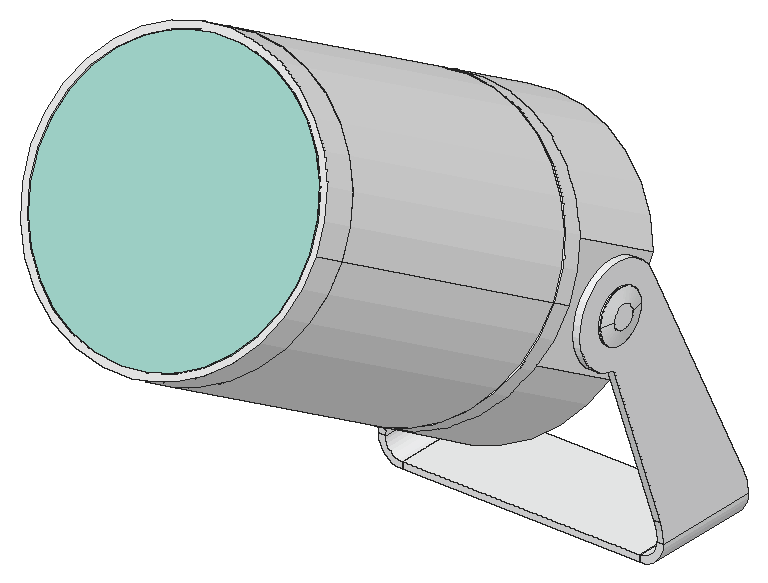
Revit family "Ginko 3.4", category Lighting Fixtures, Revit 2017
Family settings
  Round Connector Dimension = Use Diameter
  Part Type = Normal
  OmniClass Number = 23.80.70.00
  OmniClass Title = Lighting
  Work Plane-Based = Yes
  Always vertical = No
  Cut with Voids When Loaded = No
  Light Source = No
  Shared = No
  Room Calculation Point = No
Parameters (values of type "Ginko 3.4_R1 zoom 38° (3000K 15W 24Vdc)")
  X1 = 100 mm
  Wiring = "-"
  Width mm = 84 mm
  Weight kg = "1.50"
  Voltage = 24 V
  Vertical rotation max = 190.00°
  Vertical Rotation max_1 [instance] = 50.00°
  Vertical Rotation Adjusted [instance] = if(Vertical Rotation 2 < Vertical Rotation min, Vertical Rotation min, if(Vertical Rotation 2 > Vertical Rotation max_1, Vertical Rotation max_1, Vertical Rotation 2))  # -60.00°
  Vertical Rotation 2 [instance] = Vertical Rotation - 90.00°  # -60.00°
  Vertical Rotation min [instance] = -140.00°
  URL Accessories and power supply units = "https://www.lucelight.it/en/prodotto.php/106780#a-scheda-accessori"
  URL = "https://www.lucelight.it/en/prodotto.php/106780"
  Top = L&L_White
  URL Technical sheet = "https://www.lucelight.it/media/prodotti/st/ST_GINKO_34.pdf"
  URL Image = "https://www.lucelight.it/media/prodotti/foto/ginko_3.4_still.jpg"
  URL IES Photometric file = "https://www.lucelight.it/media/prodotti/fotometrie/ginko_3.4_ies.zip"
  URL General code = "https://www.lucelight.it/en/prodotto.php/106780#a-generacodice"
  URL Description = "https://www.lucelight.it/en/capitolato.php/106780"
  URL DXF = "https://www.lucelight.it/media/prodotti/dxf/ginko_3.4.dxf"
  URL Catalogue = "https://www.lucelight.it/media/prodotti/brochure/ginko_brochure_en.pdf"
  Power supply unit = "not included"
  Power supply = "24Vdc"
  Power cables = "includes 1,5 m neoprene cable, H05RN-F 2x0,75/0,75 Ø6,3 mm"
  Power = "15W"
  Optics = "38°"
  No. and type of led = "1 high power density COB LED; 2-step MacAdam; 50000h L95 B10 (Ta 25°C)"
  Model = "Ginko 3.4"
  Manufacturer = "L&L Luce&Light"
  Light Source = Light Source_3.4 : R1 zoom 38°
  Geometry = Ginko3.4_mod : Ginko_3.4
  Notes = "-"
  Mounting = "surface mounted (ceiling, wall, ground, spike)"
  Middle = L&L_White
  Material = "body in anticorodal aluminium, AISI 316L stainless steel bracket, screen in tempered, transparent extra-clear glass"
  Lumen output at source = "1662 lm (3000K, CRI 80); 1343 lm (3000K, CRI 90)"
  Description = "Outdoor projectors"
  Base = L&L_White
  Lens = L&L_Lens
  Length mm = 137 mm
  LED Colour = "3000K (also available: 2700K and 4000K - ref. URL Technical sheet)"
  IP = "66"
  Height mm = 203 mm
  H1 = 75 mm
  Vertical Rotation [instance] = 30.00°
  Features = "optical range 8°x66° — 35°x71° adjustable through 360° using the magnet provided"
  Energy efficiency class = "A A+ A++"
  Delivered lumen output = "295 lm (3000K, 38°, CRI 80); 240 lm (3000K, 38°, CRI 90); 315 lm (3000K, 35°x71°, CRI 80); 255 lm (3000K, 35°x71°, CRI 90)\r\n295 lm (3000K, 38°, CRI 80); 240 lm (3000K, 38°, CRI 90); 315 lm (3000K, 35°x71°, CRI 80); 255 lm (3000K, 35°x71°, CRI 90)\r\n295 lm (3000K, 38°, CRI 80); 240 lm (3000K, 38°, CRI 90); 315 lm (3000K, 35°x71°, CRI 80); 255 lm (3000K, 35°x71°, CRI 90)\r\n295 lm (3000K, 38°, CRI 80); 240 lm (3000K, 38°, CRI 90); 315 lm (3000K, 35°x71°, CRI 80); 255 lm (3000K, 35°x71°, CRI 90)"
  Default Elevation = 1219.2 mm
  Cutout dimensions = "-"
  Control system = "-"
  Contact = "T: +39 0444 360571; E: lucelight@lucelight.it"
  Company = "L&L Luce&Light"
  Code = "GN3401 E White; GN3401 N Black anodized; GN3401 F Grey; GN3401 H Anthracite; GN3401 T Cor-ten; GN3401 5 Jasper green"
  CRI = "90 (also available: CRI 80 - ref. URL Technical sheet)"
  Base bracket = Ginko3.0_Base bracket : Ginko3.0_Base bracket
  Bracket = L&L_Stainless steel
  Apparent Load Phase 1 = 15 W
Reference planes
  plane 1 "Light Source Axis (F/B)": y = 0
  plane 2: z = 0
  plane 3 "Light Source Axis (L/R)": x = 0
  plane 4 "Light Source Elevation": z = 75
  plane 5: y = 100
Lines and regions (mm)
  reference lines
    curve 1: line (0, 100, 75) -> (0, 151.962, 45)
Dimensions and locks
  "X1": plane 1 "Light Source Axis (F/B)" to plane 5
  "H1": level to plane 4 "Light Source Elevation"
  "Vertical Rotation Adjusted": angle plane 1 "Light Source Axis (F/B)" to curve 1
  aligned and locked: level to plane 2
  aligned and locked: plane 5 to curve 1
  aligned and locked: plane 4 "Light Source Elevation" to curve 1
Nested families
  nested 1: "Ginko3.0_Base bracket" at (0, 100, 0), type <- "Base bracket", type "Ginko3.0_Base bracket"
  nested 2: "Ginko3.4_mod" at (0, 108.66, 70) x (1, 0, 0) z (0, -0.866, 0.5), type <- "Geometry", type "Ginko_3.4"
  nested 3: "Light Source_3.4" at (-0.008, -10.886, 138.94) x (0, 0.5, 0.866) z (0, -0.866, 0.5), type <- "Light Source", type "R1 zoom 38°"
Connectors
  electrical at (0, 100, 0), driven by "Voltage", driven by "Apparent Load Phase 1"
    settings: index 1, voltage 24 V, apparent load 0 VA, apparent load phase1 15 VA, apparent load phase2 0 VA, apparent load phase3 0 VA, power factor 1, load classification "Lighting", number of poles 1, system type 31, power factor state 1, is connector primary yes, connector utility no, sub classification motor no, connector description ""
Definition of nested family "Ginko3.0_Base bracket"
  Parameters (values of type "Ginko3.0_Base bracket")
    Default Elevation = 1219.2 mm
    Base Braket = none
  Reference planes
    plane 1 "Light Source Axis (F/B)": y = 0
    plane 2: z = 0
    plane 3 "Light Source Axis (L/R)": x = 0
    plane 4 "Light Source Elevation": z = 1500
  Forms (mm)
    Extrusion 1, solid, material <- "Base Braket", detail levels medium+fine
      sketch origin (42, -180.55, 0) x (0, -1, 0) y (1, 0, 0)
        loop
          line (-228.477, -7) -> (-228.477, -77) -> (-197.477, -77) -> (-197.477, -7) -> (-228.477, -7)
      from 0 to 2
    Extrusion 2, solid, material <- "Base Braket", detail levels medium
      sketch origin (42, -180.55, -235.942) x (0, -1, 0) y (0, 0, 1)
        loop
          arc (-197.543, 242.942) -> (-197.198, 246.147) -> (-196.344, 249.255) r 20
          line (-196.344, 249.255) -> (-178.954, 297.033)
          arc (-178.954, 297.033) -> (-169.087, 318.979) -> (-193.082, 317.181) r 14
          line (-193.082, 317.181) -> (-226.453, 250.152)
          arc (-226.453, 250.152) -> (-227.806, 246.642) -> (-228.477, 242.942) r 20
          line (-228.477, 242.942) -> (-197.543, 242.942)
      from 0 to 2
    Extrusion 3, solid, material <- "Base Braket", detail levels medium+fine
      sketch origin (-426.763, 16.927, -235.942) x (-1, 0, 0) y (0, 0, 1)
        loop
          arc (-468.763, 242.942) -> (-466.713, 237.992) -> (-461.763, 235.942) r 7
          line (-461.763, 235.942) -> (-461.763, 237.942)
          arc (-461.763, 237.942) -> (-465.298, 239.406) -> (-466.763, 242.942) r 5
          line (-466.763, 242.942) -> (-468.763, 242.942)
      from 0 to 31
    Extrusion 4, solid, material <- "Base Braket", detail levels medium
      sketch origin (-42, -180.55, -235.942) x (0, -1, 0) y (0, 0, -1)
        loop
          line (-197.543, -242.942) -> (-228.477, -242.942)
          arc (-228.477, -242.942) -> (-227.806, -246.642) -> (-226.453, -250.152) r 20
          line (-226.453, -250.152) -> (-193.082, -317.181)
          arc (-193.082, -317.181) -> (-169.087, -318.979) -> (-178.954, -297.033) r 14
          line (-178.954, -297.033) -> (-196.344, -249.255)
          arc (-196.344, -249.255) -> (-197.198, -246.147) -> (-197.543, -242.942) r 20
      from 0 to 2
    Extrusion 5, solid, material <- "Base Braket", detail levels medium+fine
      sketch origin (426.763, 16.927, -235.942) x (1, 0, 0) y (0, 0, -1)
        loop
          line (-468.763, -242.942) -> (-466.763, -242.942)
          arc (-466.763, -242.942) -> (-465.298, -239.406) -> (-461.763, -237.942) r 5
          line (-461.763, -237.942) -> (-461.763, -235.942)
          arc (-461.763, -235.942) -> (-466.713, -237.992) -> (-468.763, -242.942) r 7
      from 0 to 31
    Extrusion 6, solid, material <- "Base Braket", detail levels coarse
      sketch origin (42, -180.55, -235.942) x (0, -1, 0) y (0, 0, 1)
        loop
          line (-233.528, 235.942) -> (-201.189, 235.942) -> (-171.621, 317.181) -> (-193.082, 317.181) -> (-233.528, 235.942)
      from 0 to 84
    Extrusion 7, solid, material <- "Base Braket", detail levels fine
      sketch origin (42, -180.55, -235.942) x (0, -1, 0) y (0, 0, 1)
        loop
          arc (-197.543, 242.942) -> (-197.198, 246.147) -> (-196.344, 249.255) r 20
          line (-196.344, 249.255) -> (-178.954, 297.033)
          arc (-178.954, 297.033) -> (-169.087, 318.979) -> (-193.082, 317.181) r 14
          line (-193.082, 317.181) -> (-226.453, 250.152)
          arc (-226.453, 250.152) -> (-227.806, 246.642) -> (-228.477, 242.942) r 20
          line (-228.477, 242.942) -> (-197.543, 242.942)
      from 0 to 2
    Extrusion 8, solid, material <- "Base Braket", detail levels fine
      sketch origin (42, -180.55, 0) x (0, -1, 0) y (0, 0, 1)
        loop
          circle (-180.55, 75) r 7.5
      from 0 to -0.7
    Blend 9, solid, material <- "Base Braket", detail levels fine
      base sketch origin (42, -180.55, 0) x (0, -1, 0) y (0, 0, 1)
        loop
          circle (-180.55, 75) r 7.5
      top sketch origin (42, -180.55, 0) x (0, -1, 0) y (0, 0, 1)
        loop
          circle (-180.55, 75) r 3.35
      from -0.7 to -1.6
    Extrusion 10, solid, material <- "Base Braket", detail levels fine
      sketch origin (-42, -180.55, -235.942) x (0, -1, 0) y (0, 0, -1)
        loop
          line (-197.543, -242.942) -> (-228.477, -242.942)
          arc (-228.477, -242.942) -> (-227.806, -246.642) -> (-226.453, -250.152) r 20
          line (-226.453, -250.152) -> (-193.082, -317.181)
          arc (-193.082, -317.181) -> (-169.087, -318.979) -> (-178.954, -297.033) r 14
          line (-178.954, -297.033) -> (-196.344, -249.255)
          arc (-196.344, -249.255) -> (-197.198, -246.147) -> (-197.543, -242.942) r 20
      from 0 to 2
    Extrusion 11, solid, material <- "Base Braket", detail levels fine
      sketch origin (-42, -180.55, 0) x (0, -1, 0) y (0, 0, -1)
        loop
          circle (-180.55, -75) r 7.5
      from 0 to -0.7
    Blend 12, solid, material <- "Base Braket", detail levels fine
      base sketch origin (-42, -180.55, 0) x (0, -1, 0) y (0, 0, -1)
        loop
          circle (-180.55, -75) r 7.5
      top sketch origin (-42, -180.55, 0) x (0, -1, 0) y (0, 0, -1)
        loop
          circle (-180.55, -75) r 3.35
      from -0.7 to -1.6
  Dimensions and locks
    aligned and locked: level to plane 2
Definition of nested family "Ginko3.4_mod"
  Parameters (values of type "Ginko_3.4")
    Upper Snoot = none
    Radius bottom = 40 mm
    Radius Ginko middle = 41 mm
    Radius Ginko inside = 40 mm
    Radius Ginko = 42 mm
    Middle ring 3.4 = yes
    Middle ring 1.4 = no
    Middle ring = no
    Middle Snoot = none
    Lower Snoot = none
    Lens = none
    Height middle ring = 4.361 mm
    Height lower ring = 26.7 mm
    Height Ginko up = 30.7 mm
    Height Ginko glass = 137 mm
    Height Ginko bottom = 27.5 mm
    Height Ginko = 138 mm
    Default Elevation = 1219.2 mm
  Reference planes
    plane 1 "Light Source Axis (F/B)": y = 0
    plane 2: z = 0
    plane 3 "Light Source Axis (L/R)": x = 0
    plane 4 "Light Source Elevation": z = 1500
    plane 5: z = 138
    plane 6: z = 137
    plane 7: z = 50.5
    plane 8: z = 107.3
    plane 9: z = 57.9
    plane 10: z = 26.7
    plane 11: z = 27.7
    plane 12: z = 13.35
  Forms (mm)
    Extrusion 1, solid, material <- "Lower Snoot", detail levels coarse
      sketch origin (0, 0, 0) x (1, 0, 0) y (0, 1, 0)
        loop
          circle (0, 0) r 42
      from 0 to 138
    Extrusion 2, solid, material <- "Lower Snoot", detail levels medium
      sketch origin (0, 0, 0) x (1, 0, 0) y (0, 1, 0)
        loop
          circle (0, 0) r 42
        loop
          circle (0, 0) r 40
      from 31 to 138
    Extrusion 3, solid, material <- "Lens", detail levels medium
      sketch origin (0, 0, 57.2) x (1, 0, 0) y (0, 1, 0)
        loop
          circle (0, 0) r 40
      from 79.8 to 80.8
    Extrusion 4, solid, material <- "Lower Snoot", detail levels fine
      sketch origin (0, 0, -27.3) x (1, 0, 0) y (0, 1, 0)
        loop
          circle (0, 0) r 42
      from 58.3 to 64.1
    Extrusion 5, solid, material <- "Upper Snoot", detail levels fine
      sketch origin (0, 0, 10.08) x (1, 0, 0) y (0, 1, 0)
        loop
          circle (0, 0) r 42
        loop
          circle (0, 0) r 40
      from 117.42 to 127.92
    Extrusion 6, solid, visible <- "Middle ring", detail levels fine
      sketch origin (0, 0, 0.2) x (1, 0, 0) y (0, 1, 0)
        loop
          circle (0, 0) r 27
        loop
          circle (0, 0) r 24.95
      from 27.3 to 74.5
    Extrusion 7, solid, material <- "Lens", detail levels fine
      sketch origin (0, 0, 57.2) x (1, 0, 0) y (0, 1, 0)
        loop
          circle (0, 0) r 40
      from 79.8 to 80.8
    Extrusion 8, solid, visible <- "Middle ring 1.4", detail levels fine
      sketch origin (0, 0, -9) x (1, 0, 0) y (0, 1, 0)
        loop
          circle (0, 0) r 42
        loop
          circle (0, 0) r 40
      from 30 to 68.8
    Extrusion 9, solid, material <- "Middle Snoot", visible <- "Middle ring 3.4", detail levels fine
      sketch origin (0, 0, -18) x (1, 0, 0) y (0, 1, 0)
        loop
          circle (0, 0) r 42
        loop
          circle (0, 0) r 40
      from 55.8 to 145.5
    Extrusion 10, solid, material <- "Middle Snoot", detail levels fine
      sketch origin (0, 0, 10.1) x (1, 0, 0) y (0, 1, 0)
        loop
          circle (0, 0) r 41
      from 26.7 to 27.7
    Extrusion 11, solid, material <- "Lower Snoot", detail levels fine
      sketch origin (0, 0, -58.3) x (1, 0, 0) y (0, 1, 0)
        loop
          arc (39, 15.588) -> (0, 42) -> (-39, 15.588) r 42
          line (-39, 15.588) -> (-39, -15.588)
          arc (-39, -15.588) -> (0, -42) -> (39, -15.588) r 42
          line (39, -15.588) -> (39, 15.588)
      from 58.3 to 89.3
    Extrusion 12, solid, material <- "Lower Snoot", detail levels medium
      sketch origin (0, 0, 31) x (1, 0, 0) y (0, 1, 0)
        loop
          circle (0, 0) r 40
      from 0 to 1.5
    Extrusion 13, solid, material <- "Lower Snoot", detail levels medium
      sketch origin (0, 0, -110) x (1, 0, 0) y (0, 1, 0)
        loop
          arc (-39, -15.588) -> (0, -42) -> (39, -15.588) r 42
          line (39, -15.588) -> (39, 15.588)
          arc (39, 15.588) -> (0, 42) -> (-39, 15.588) r 42
          line (-39, 15.588) -> (-39, -15.588)
      from 110 to 141
  Cuts and joins
    joined: Extrusion 4, Extrusion 11
    joined: Extrusion 2, Extrusion 13
  Dimensions and locks
    plane 5 to plane 2 = 138 mm
    "Height Ginko": plane 5 to level
    "Height Ginko glass": plane 6 to plane 2
    level to plane 7 = 50.5 mm
    Extrusion 7 to Extrusion 5 = 1 mm
    locked: Extrusion 3 to Extrusion 2 at 1
    "Height lower ring": level to plane 10
    locked: plane 10 to plane 11 at 1
    plane 5 to plane 6 = 1 mm
    "Height Ginko up": plane 8 to plane 5
    equal spacing: plane 10, plane 12, plane 2
    "Radius Ginko": radius of Extrusion 1 sketch curve
    "Radius Ginko": radius of Extrusion 2 sketch curve
    "Radius Ginko inside": radius of Extrusion 2 sketch curve
    "Radius bottom": radius of Extrusion 3 sketch curve
    "Radius Ginko": radius of Extrusion 5 sketch curve
    "Radius Ginko inside": radius of Extrusion 5 sketch curve
    "Radius Ginko": radius of Extrusion 4 sketch curve
    "Radius Ginko inside": radius of Extrusion 7 sketch curve
    "Radius Ginko": radius of Extrusion 8 sketch curve
    "Radius Ginko inside": radius of Extrusion 8 sketch curve
    "Radius Ginko": radius of Extrusion 9 sketch curve
    "Radius Ginko inside": radius of Extrusion 9 sketch curve
    "Radius Ginko middle": radius of Extrusion 10 sketch curve
    "Radius Ginko": radius of Extrusion 11 sketch curve
    "Radius bottom": radius of Extrusion 12 sketch curve
    aligned and locked: level to plane 2
    aligned and locked: plane 5 to Extrusion 1
    aligned and locked: plane 5 to Extrusion 2
    aligned and locked: plane 5 to Extrusion 5
    aligned and locked: plane 5 to Extrusion 3
    aligned and locked: Extrusion 7 to plane 6
    aligned and locked: plane 5 to Extrusion 7
    aligned and locked: Extrusion 5 to Extrusion 7
    aligned and locked: Extrusion 9 to Extrusion 5
  Automatic sketch dimensions
    Extrusion 6 sketch curve to Extrusion 6 sketch curve = 0 mm  (x2)
    plane 1 "Light Source Axis (F/B)" to Extrusion 6 sketch curve = 0 mm
    Extrusion 6 sketch curve to plane 3 "Light Source Axis (L/R)" = 0 mm
    plane 1 "Light Source Axis (F/B)" to Extrusion 13 sketch curve = 0 mm
    Extrusion 13 sketch curve to plane 3 "Light Source Axis (L/R)" = 0 mm
    plane 3 "Light Source Axis (L/R)" to Extrusion 13 sketch curve = 39 mm
    plane 1 "Light Source Axis (F/B)" to Extrusion 13 sketch curve = 15.588 mm  (x2)
    Extrusion 13 sketch curve to plane 1 "Light Source Axis (F/B)" = 15.588 mm
    Extrusion 13 sketch curve to Extrusion 13 sketch curve = 0 mm  (x2)
    plane 1 "Light Source Axis (F/B)" to Extrusion 1 sketch curve = 0 mm
    Extrusion 1 sketch curve to plane 3 "Light Source Axis (L/R)" = 0 mm
    Extrusion 2 sketch curve to Extrusion 2 sketch curve = 0 mm  (x2)
    plane 1 "Light Source Axis (F/B)" to Extrusion 2 sketch curve = 0 mm
    Extrusion 2 sketch curve to plane 3 "Light Source Axis (L/R)" = 0 mm
    plane 1 "Light Source Axis (F/B)" to Extrusion 3 sketch curve = 0 mm
    Extrusion 3 sketch curve to plane 3 "Light Source Axis (L/R)" = 0 mm
    plane 1 "Light Source Axis (F/B)" to Extrusion 4 sketch curve = 0 mm
    Extrusion 4 sketch curve to plane 3 "Light Source Axis (L/R)" = 0 mm
    Extrusion 5 sketch curve to Extrusion 5 sketch curve = 0 mm  (x2)
    plane 1 "Light Source Axis (F/B)" to Extrusion 5 sketch curve = 0 mm
    Extrusion 5 sketch curve to plane 3 "Light Source Axis (L/R)" = 0 mm
    plane 1 "Light Source Axis (F/B)" to Extrusion 7 sketch curve = 0 mm
    Extrusion 7 sketch curve to plane 3 "Light Source Axis (L/R)" = 0 mm
    Extrusion 8 sketch curve to Extrusion 8 sketch curve = 0 mm  (x2)
    plane 1 "Light Source Axis (F/B)" to Extrusion 8 sketch curve = 0 mm
    Extrusion 8 sketch curve to plane 3 "Light Source Axis (L/R)" = 0 mm
    Extrusion 9 sketch curve to Extrusion 9 sketch curve = 0 mm  (x2)
    plane 1 "Light Source Axis (F/B)" to Extrusion 9 sketch curve = 0 mm
    Extrusion 9 sketch curve to plane 3 "Light Source Axis (L/R)" = 0 mm
    plane 1 "Light Source Axis (F/B)" to Extrusion 10 sketch curve = 0 mm
    Extrusion 10 sketch curve to plane 3 "Light Source Axis (L/R)" = 0 mm
    Extrusion 11 sketch curve to Extrusion 11 sketch curve = 0 mm  (x2)
    plane 1 "Light Source Axis (F/B)" to Extrusion 11 sketch curve = 0 mm
    Extrusion 11 sketch curve to plane 3 "Light Source Axis (L/R)" = 0 mm
    plane 1 "Light Source Axis (F/B)" to Extrusion 11 sketch curve = 15.588 mm
    Extrusion 11 sketch curve to plane 3 "Light Source Axis (L/R)" = 39 mm
    Extrusion 11 sketch curve to plane 1 "Light Source Axis (F/B)" = 15.588 mm
    plane 1 "Light Source Axis (F/B)" to Extrusion 12 sketch curve = 0 mm
    Extrusion 12 sketch curve to plane 3 "Light Source Axis (L/R)" = 0 mm
    radius of Extrusion 6 sketch curve = 27 mm
    radius of Extrusion 6 sketch curve = 24.95 mm
Definition of nested family "Light Source_3.4"
  Parameters (values of type "R1 zoom 38°")
    Wattage = 9.04122 W
    built-in parameter 1150110 = 1 (stored number, unit not read)
    built-in parameter 1114217 = 1 (stored number, unit not read)
    Tilt Angle = 90.00°
    built-in parameter 1150109 = 1 (stored number, unit not read)
    built-in parameter 1150134 = (empty or 0)
    built-in parameter 1150113 = 1 (stored number, unit not read)
    Photometric Web File = "GINKO 3.4 R1 zoom 38° [3000K 15W 24Vdc].IES"
    built-in parameter 1150142 = "IESNA:LM-63-2002\r\n[TEST] GINKO 34 30K80 ZOOM L 15W - 20171128-1624.LDT\r\n[TESTLAB] L&L\r\n[TESTDATE] 28 Nov 2017\r\n[ISSUEDATE] 28 Nov 2017\r\n[MANUFAC] L&L\r\n[LUMCAT] GINKO 3.4 R1 zoom 38° [3000K 15W 24Vdc]\r\n[LUMINAIRE] GINKO 3.4 R1 zoom 38° [3000K 15W 24Vdc]\r\n[FLASHAREA] 0.000304\r\n[LAMPCAT] COB LED High Density\r\n[LAMP] COB LED High Density\r\nTILT=NONE\r\n1 295.00 1.0 181 1 1 2 -0.040 -0.040 0.000\r\n1.00 1.00 15.00\r\n0.00 1.00 2.00 3.00 4.00 5.00 6.00 7.00 8.00 9.00 10.00 \r\n11.00 12.00 13.00 14.00 15.00 16.00 17.00 18.00 19.00 \r\n20.00 21.00 22.00 23.00 24.00 25.00 26.00 27.00 28.00 \r\n29.00 30.00 31.00 32.00 33.00 34.00 35.00 36.00 37.00 \r\n38.00 39.00 40.00 41.00 42.00 43.00 44.00 45.00 46.00 \r\n47.00 48.00 49.00 50.00 51.00 52.00 53.00 54.00 55.00 \r\n56.00 57.00 58.00 59.00 60.00 61.00 62.00 63.00 64.00 \r\n65.00 66.00 67.00 68.00 69.00 70.00 71.00 72.00 73.00 \r\n74.00 75.00 76.00 77.00 78.00 79.00 80.00 81.00 82.00 \r\n83.00 84.00 85.00 86.00 87.00 88.00 89.00 90.00 91.00 \r\n92.00 93.00 94.00 95.00 96.00 97.00 98.00 99.00 100.00 \r\n101.00 102.00 103.00 104.00 105.00 106.00 107.00 108.00 \r\n109.00 110.00 111.00 112.00 113.00 114.00 115.00 116.00 \r\n117.00 118.00 119.00 120.00 121.00 122.00 123.00 124.00 \r\n125.00 126.00 127.00 128.00 129.00 130.00 131.00 132.00 \r\n133.00 134.00 135.00 136.00 137.00 138.00 139.00 140.00 \r\n141.00 142.00 143.00 144.00 145.00 146.00 147.00 148.00 \r\n149.00 150.00 151.00 152.00 153.00 154.00 155.00 156.00 \r\n157.00 158.00 159.00 160.00 161.00 162.00 163.00 164.00 \r\n165.00 166.00 167.00 168.00 169.00 170.00 171.00 172.00 \r\n173.00 174.00 175.00 176.00 177.00 178.00 179.00 180.00 \r\n0.00 \r\n838.56 837.05 832.97 826.29 817.22 807.05 796.55 786.71 \r\n778.59 771.60 765.65 760.38 754.50 747.79 740.25 731.28 \r\n720.08 694.87 618.02 474.77 304.29 155.14 65.13 34.37 \r\n26.41 21.94 18.96 16.64 14.73 13.14 11.86 10.79 9.84 9.02 \r\n8.32 7.72 7.20 6.73 6.32 5.94 5.56 5.17 4.76 4.35 3.97 \r\n3.61 3.29 3.01 2.76 2.53 2.31 2.12 1.94 1.78 1.64 1.51 \r\n1.40 1.32 1.24 1.19 1.14 1.09 1.04 1.00 0.95 0.89 0.83 \r\n0.76 0.69 0.62 0.56 0.50 0.45 0.40 0.35 0.31 0.27 0.23 \r\n0.20 0.17 0.14 0.11 0.09 0.07 0.05 0.03 0.02 0.01 0.01 \r\n0.00 0.00 0.00 0.00 0.00 0.00 0.00 0.00 0.00 0.00 0.00 \r\n0.00 0.00 0.00 0.00 0.00 0.00 0.00 0.00 0.00 0.00 0.00 \r\n0.00 0.00 0.00 0.00 0.00 0.00 0.00 0.00 0.00 0.00 0.00 \r\n0.00 0.00 0.00 0.00 0.00 0.00 0.00 0.00 0.00 0.00 0.00 \r\n0.00 0.00 0.00 0.00 0.00 0.00 0.00 0.00 0.00 0.00 0.00 \r\n0.00 0.00 0.00 0.00 0.00 0.00 0.00 0.00 0.00 0.00 0.00 \r\n0.00 0.00 0.00 0.00 0.00 0.00 0.00 0.00 0.00 0.00 0.00 \r\n0.00 0.00 0.00 0.00 0.00 0.00 0.00 0.00 0.00 0.00 0.00 \r\n0.00 0.00 0.00 0.00 \r\n"
    Lumens = 1343 lm
    built-in parameter 1150115 = 1 (stored number, unit not read)
    built-in parameter 1150105 = 106.87 (stored number, unit not read)
    built-in parameter 1150137 = (empty or 0)
    built-in parameter 1150139 = (empty or 0)
    built-in parameter 1150112 = 1 (stored number, unit not read)
    built-in parameter 1150114 = 1 (stored number, unit not read)
    built-in parameter 1150132 = 2
    built-in parameter 1150102 = (empty or 0)
    built-in parameter 1150138 = (empty or 0)
    built-in parameter 1150107 = 3000 (stored number, unit not read)
    built-in parameter 1150106 = 1.0687 (stored number, unit not read)
    built-in parameter 1150104 = 13.8 (stored number, unit not read)
    Dimming Lamp Color Temperature Shift = (empty or 0)
    Default Elevation = 1219.2 mm
    Color Filter = 16777215
    built-in parameter 1114218 = 1 (stored number, unit not read)
    built-in parameter 1150133 = 10 (stored number, unit not read)
  Types (4, lengths in mm): name | Photometric Web File | built-in parameter 1150142
    R1 zoom 8° | "GINKO 3.4 R1 zoom 8° [3000K 15W 24Vdc].IES" | "IESNA:LM-63-2002\r\n[TEST] GINKO 34 30K80  ZOOM S 15W - 20171211-0947.LDT\r\n[TESTLAB] L&L\r\n[TESTDATE] 11 Dec 2017\r\n[ISSUEDATE] 11 Dec 2017\r\n[MANUFAC] L&L\r\n[LUMCAT] GINKO 3.4 R1 zoom 8° [3000K 15W 24Vdc]\r\n[LUMINAIRE] GINKO 3.4 R1 zoom 8° [3000K 15W 24Vdc]\r\n[FLASHAREA] 0.000304\r\n[LAMPCAT] COB LED High Density\r\n[LAMP] COB LED High Density\r\nTILT=NONE\r\n1 246.00 1.0 181 1 1 2 -0.040 -0.040 0.000\r\n1.00 1.00 15.00\r\n0.00 1.00 2.00 3.00 4.00 5.00 6.00 7.00 8.00 9.00 10.00 \r\n11.00 12.00 13.00 14.00 15.00 16.00 17.00 18.00 19.00 \r\n20.00 21.00 22.00 23.00 24.00 25.00 26.00 27.00 28.00 \r\n29.00 30.00 31.00 32.00 33.00 34.00 35.00 36.00 37.00 \r\n38.00 39.00 40.00 41.00 42.00 43.00 44.00 45.00 46.00 \r\n47.00 48.00 49.00 50.00 51.00 52.00 53.00 54.00 55.00 \r\n56.00 57.00 58.00 59.00 60.00 61.00 62.00 63.00 64.00 \r\n65.00 66.00 67.00 68.00 69.00 70.00 71.00 72.00 73.00 \r\n74.00 75.00 76.00 77.00 78.00 79.00 80.00 81.00 82.00 \r\n83.00 84.00 85.00 86.00 87.00 88.00 89.00 90.00 91.00 \r\n92.00 93.00 94.00 95.00 96.00 97.00 98.00 99.00 100.00 \r\n101.00 102.00 103.00 104.00 105.00 106.00 107.00 108.00 \r\n109.00 110.00 111.00 112.00 113.00 114.00 115.00 116.00 \r\n117.00 118.00 119.00 120.00 121.00 122.00 123.00 124.00 \r\n125.00 126.00 127.00 128.00 129.00 130.00 131.00 132.00 \r\n133.00 134.00 135.00 136.00 137.00 138.00 139.00 140.00 \r\n141.00 142.00 143.00 144.00 145.00 146.00 147.00 148.00 \r\n149.00 150.00 151.00 152.00 153.00 154.00 155.00 156.00 \r\n157.00 158.00 159.00 160.00 161.00 162.00 163.00 164.00 \r\n165.00 166.00 167.00 168.00 169.00 170.00 171.00 172.00 \r\n173.00 174.00 175.00 176.00 177.00 178.00 179.00 180.00 \r\n0.00 \r\n10096.87 9589.15 8384.08 6745.31 5009.01 3392.17 2064.34 \r\n1146.24 596.92 304.79 175.09 115.76 84.24 63.88 49.87 \r\n40.30 33.13 27.79 23.70 20.58 18.12 16.18 14.61 13.32 \r\n12.24 11.33 10.57 9.90 9.27 8.68 8.12 7.57 7.04 6.51 6.02 \r\n5.58 5.17 4.81 4.48 4.17 3.88 3.59 3.29 2.99 2.67 2.36 \r\n2.05 1.76 1.51 1.27 1.09 0.95 0.87 0.82 0.78 0.74 0.71 \r\n0.68 0.65 0.62 0.59 0.56 0.54 0.51 0.49 0.47 0.45 0.43 \r\n0.41 0.40 0.38 0.37 0.36 0.34 0.33 0.32 0.32 0.31 0.31 \r\n0.30 0.30 0.30 0.30 0.29 0.28 0.26 0.23 0.17 0.09 0.03 \r\n0.00 0.00 0.00 0.00 0.00 0.00 0.00 0.00 0.00 0.00 0.00 \r\n0.00 0.00 0.00 0.00 0.00 0.00 0.00 0.00 0.00 0.00 0.00 \r\n0.00 0.00 0.00 0.00 0.00 0.00 0.00 0.00 0.00 0.00 0.00 \r\n0.00 0.00 0.00 0.00 0.00 0.00 0.00 0.00 0.00 0.00 0.00 \r\n0.00 0.00 0.00 0.00 0.00 0.00 0.00 0.00 0.00 0.00 0.00 \r\n0.00 0.00 0.00 0.00 0.00 0.00 0.00 0.00 0.00 0.00 0.00 \r\n0.00 0.00 0.00 0.00 0.00 0.00 0.00 0.00 0.00 0.00 0.00 \r\n0.00 0.00 0.00 0.00 0.00 0.00 0.00 0.00 0.00 0.00 0.00 \r\n0.00 0.00 0.00 \r\n"
    R1 zoom 38° | "GINKO 3.4 R1 zoom 38° [3000K 15W 24Vdc].IES" | "IESNA:LM-63-2002\r\n[TEST] GINKO 34 30K80 ZOOM L 15W - 20171128-1624.LDT\r\n[TESTLAB] L&L\r\n[TESTDATE] 28 Nov 2017\r\n[ISSUEDATE] 28 Nov 2017\r\n[MANUFAC] L&L\r\n[LUMCAT] GINKO 3.4 R1 zoom 38° [3000K 15W 24Vdc]\r\n[LUMINAIRE] GINKO 3.4 R1 zoom 38° [3000K 15W 24Vdc]\r\n[FLASHAREA] 0.000304\r\n[LAMPCAT] COB LED High Density\r\n[LAMP] COB LED High Density\r\nTILT=NONE\r\n1 295.00 1.0 181 1 1 2 -0.040 -0.040 0.000\r\n1.00 1.00 15.00\r\n0.00 1.00 2.00 3.00 4.00 5.00 6.00 7.00 8.00 9.00 10.00 \r\n11.00 12.00 13.00 14.00 15.00 16.00 17.00 18.00 19.00 \r\n20.00 21.00 22.00 23.00 24.00 25.00 26.00 27.00 28.00 \r\n29.00 30.00 31.00 32.00 33.00 34.00 35.00 36.00 37.00 \r\n38.00 39.00 40.00 41.00 42.00 43.00 44.00 45.00 46.00 \r\n47.00 48.00 49.00 50.00 51.00 52.00 53.00 54.00 55.00 \r\n56.00 57.00 58.00 59.00 60.00 61.00 62.00 63.00 64.00 \r\n65.00 66.00 67.00 68.00 69.00 70.00 71.00 72.00 73.00 \r\n74.00 75.00 76.00 77.00 78.00 79.00 80.00 81.00 82.00 \r\n83.00 84.00 85.00 86.00 87.00 88.00 89.00 90.00 91.00 \r\n92.00 93.00 94.00 95.00 96.00 97.00 98.00 99.00 100.00 \r\n101.00 102.00 103.00 104.00 105.00 106.00 107.00 108.00 \r\n109.00 110.00 111.00 112.00 113.00 114.00 115.00 116.00 \r\n117.00 118.00 119.00 120.00 121.00 122.00 123.00 124.00 \r\n125.00 126.00 127.00 128.00 129.00 130.00 131.00 132.00 \r\n133.00 134.00 135.00 136.00 137.00 138.00 139.00 140.00 \r\n141.00 142.00 143.00 144.00 145.00 146.00 147.00 148.00 \r\n149.00 150.00 151.00 152.00 153.00 154.00 155.00 156.00 \r\n157.00 158.00 159.00 160.00 161.00 162.00 163.00 164.00 \r\n165.00 166.00 167.00 168.00 169.00 170.00 171.00 172.00 \r\n173.00 174.00 175.00 176.00 177.00 178.00 179.00 180.00 \r\n0.00 \r\n838.56 837.05 832.97 826.29 817.22 807.05 796.55 786.71 \r\n778.59 771.60 765.65 760.38 754.50 747.79 740.25 731.28 \r\n720.08 694.87 618.02 474.77 304.29 155.14 65.13 34.37 \r\n26.41 21.94 18.96 16.64 14.73 13.14 11.86 10.79 9.84 9.02 \r\n8.32 7.72 7.20 6.73 6.32 5.94 5.56 5.17 4.76 4.35 3.97 \r\n3.61 3.29 3.01 2.76 2.53 2.31 2.12 1.94 1.78 1.64 1.51 \r\n1.40 1.32 1.24 1.19 1.14 1.09 1.04 1.00 0.95 0.89 0.83 \r\n0.76 0.69 0.62 0.56 0.50 0.45 0.40 0.35 0.31 0.27 0.23 \r\n0.20 0.17 0.14 0.11 0.09 0.07 0.05 0.03 0.02 0.01 0.01 \r\n0.00 0.00 0.00 0.00 0.00 0.00 0.00 0.00 0.00 0.00 0.00 \r\n0.00 0.00 0.00 0.00 0.00 0.00 0.00 0.00 0.00 0.00 0.00 \r\n0.00 0.00 0.00 0.00 0.00 0.00 0.00 0.00 0.00 0.00 0.00 \r\n0.00 0.00 0.00 0.00 0.00 0.00 0.00 0.00 0.00 0.00 0.00 \r\n0.00 0.00 0.00 0.00 0.00 0.00 0.00 0.00 0.00 0.00 0.00 \r\n0.00 0.00 0.00 0.00 0.00 0.00 0.00 0.00 0.00 0.00 0.00 \r\n0.00 0.00 0.00 0.00 0.00 0.00 0.00 0.00 0.00 0.00 0.00 \r\n0.00 0.00 0.00 0.00 0.00 0.00 0.00 0.00 0.00 0.00 0.00 \r\n0.00 0.00 0.00 0.00 \r\n"
